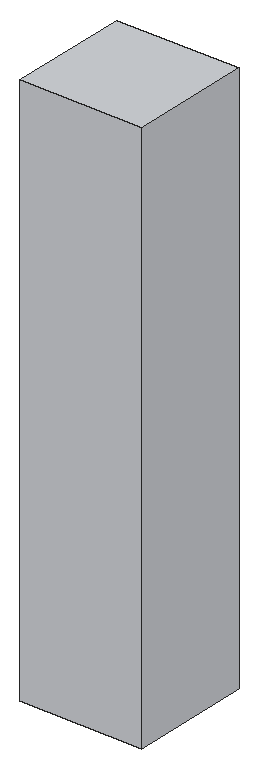
Revit family "Architectural_Rectangular_Variable Dimensions", category Columns, Revit 2024
Family settings
  Cut with Voids When Loaded = No
  Automatically joins geometry to walls = No
  Shared = No
  Show family pre-cut in plan views = No
Parameters (values of type "Default")
  EA_Repath [instance] = 0 mm
  Assembly Code = "B1010200"
  Depth [instance] = 600 mm
  Material = none
  Offset Base = 0 mm
  Offset Top = 0 mm
  Width [instance] = 600 mm
Reference planes
  plane 1: y = -301.323
  plane 2: z = 0
  plane 3: x = 0
  plane 4: z = 2743.2
  plane 5: z = 0
  plane 6: x = -300
  plane 7: x = 300
  plane 8: y = -1.323
  plane 9: y = -601.323
Forms (mm)
  Extrusion 1, solid, material <- "Material"
    sketch origin (0, 0, 0) x (1, 0, 0) y (0, 1, 0)
      loop
        line (-300, -1.323) -> (-300, -601.323) -> (300, -601.323) -> (300, -1.323) -> (-300, -1.323)
    from 0 to 2743.2
Dimensions and locks
  "Offset Base": plane 5 to level
  "Offset Top": level to plane 4
  equal spacing: plane 8, plane 1, plane 9
  equal spacing: plane 6, plane 3, plane 7
  "Depth": plane 8 to plane 9
  "Width": plane 6 to plane 7
  aligned and locked: Extrusion 1 to plane 5
  aligned and locked: plane 4 to Extrusion 1
  aligned and locked: Extrusion 1 sketch curve to plane 8
  aligned and locked: Extrusion 1 sketch curve to plane 9
  aligned and locked: Extrusion 1 sketch curve to plane 6
  aligned and locked: Extrusion 1 sketch curve to plane 7
